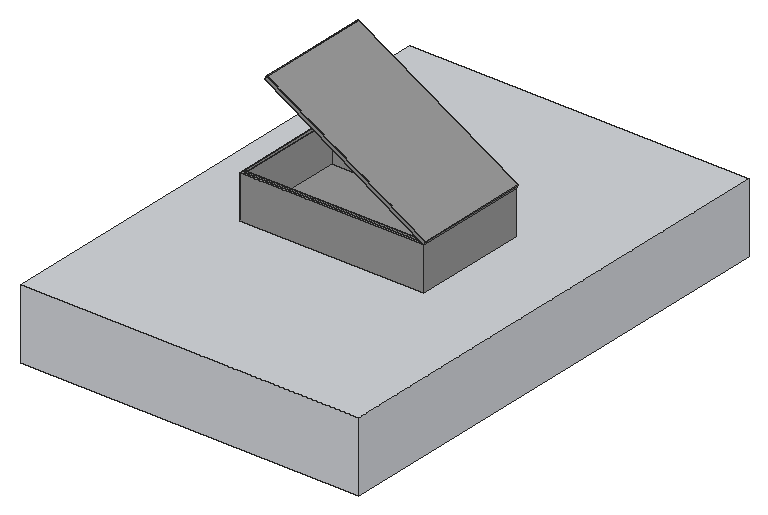
Revit family "Hager-Univers-IP44-D205-H500-Cl.I-encl-NL-en", category Equipement électrique, Revit 2020
Family settings
  Hôte = Face
  Configuration du panneau = Deux colonnes, circuits au sein
  Cote de connecteur circulaire = Utiliser le diamètre
  Type d'élément = Tableau de raccordement
  Couper avec des vides une fois chargée = Non
  Partagée = Non
  Point de calcul de pièce = Non
Parameters (values of type "Surface mounted (plaster) IP44 W800 H500 D205  - FP33QT")
  Width Control [instance] = if([EF000008 - Width] > Min Width, [EF000008 - Width], Min Width)  # 800 mm
  Commentaires du type = [HG000003 - Range]  # "Univers"
  Thickness Door [instance] = if([EF009171 - Material plate thickness door/cover] > 3 mm, 3 mm, [EF009171 - Material plate thickness door/cover])  # 1 mm
  Seal Frame Offset [instance] = 17 mm  # constant formula
  Plinth Visibility [instance] = [HG000027 - Plinth height] > 0 mm  # no
  Model = ""
  Min Width [instance] = 100 mm  # constant formula
  Min Height [instance] = 100 mm  # constant formula
  Min Depth [instance] = (2 * [EF009170 - Material plate thickness cabinet]) + 1 mm  # 3 mm
  Internal Frame Depth [instance] = (Door System Depth * 0.5)  # 9 mm
  Height Control [instance] = if([EF000040 - Height] > Min Height, [EF000040 - Height], Min Height)  # 500 mm
  HG000027 - Plinth height = 0 mm
  HG000026 - Floor standing = no
  HG000024 - Bottom section height = 800 mm
  HG000023 - Double section enclosure = no
  HG000016 - Door 3d visibility [instance] = yes
  HG000015 - Clearance visibility [instance] = no
  HG000014 - Door on the right [instance] = yes
  HG000013 - Door on the left [instance] = not([HG000014 - Door on the right])  # no
  HG000012 - Door swing angle [instance] = 30.00°
  HG000010 - Asymmetric doors = no
  HG000009 - Double swing door = no
  HG000006 - Flush mounted = no
  HG000004 - Manufacturer reference = "FP33QT"
  HG000003 - Range = "Univers"
  HG000002 - With door or cover = yes
  Frame Offset Bottom [instance] = 10 mm  # constant formula
  Frame Offset [instance] = 15 mm  # constant formula
  EF015940 - Cover with overpressure release = no
  EF011959 - Degree of protection (NEMA) = ""
  EF009554 - Number of openings for flange plates = 6
  EF009212 - Cover model = "EV000116 - Closed"
  EF009171 - Material plate thickness door/cover = 1 mm
  EF009170 - Material plate thickness cabinet = 1 mm
  Fabricant = "Hager"  # constant formula
  EF008873 - Nominal current (In) = 250 A
  EF007800 - Suitable for lightning protection = no
  EF006306 - With lock = no
  EF006244 - Transparent cover/door = no
  EF005474 - Degree of protection (IP) = "EV006418 - IP44"
  EF004464 - Type of door = "EV002646 - Single"
  EF004427 - Number of modules = 108
  EF004293 - Impact strength = "EV006815 - IK09"
  EF003532 - Suitable for outdoor use = no
  EF002950 - Width in number of modular spacings = 36
  EF001613 - Circuit integrity = "EV000494 - None"
  EF001596 - Material housing = "EV000179 - Steel"
  EF001131 - Internal depth = 205 mm
  EF001088 - Extension possible = yes
  EF000437 - Number of conduit inlets = 6
  EF000339 - Type of cover = "EV001012 - Cover"
  EF000266 - Number of rows = 3
  EF000218 - Built-in depth = 0 mm
  EF000118 - With mounting plate = no
  EF000116 - RAL-number = "9010"
  EF000049 - Depth = 205 mm
  EF000040 - Height = 500 mm
  EF000008 - Width = 800 mm
  EF000007 - Colour = "EV000202 - White"
  EF000003 - Mounting method = "EV000384 - Surface mounted (plaster)"
  Door System Leaf Tolerance [instance] = 1.5 mm  # constant formula
  Door System Depth [instance] = 18 mm  # constant formula
  Door Height [instance] = Height Control - [HG000027 - Plinth height]  # 500 mm
  Depth Control [instance] = if([EF000049 - Depth] > Min Depth, [EF000049 - Depth], Min Depth)  # 205 mm
  Default Elevation = 0 mm
  Connector Offset [instance] = Height Control / 2  # 250 mm
  Bottom Top Plate Trim [instance] = 1.5 mm  # constant formula
  Plinth height Ctrl [instance] = if([HG000027 - Plinth height] > 0 mm, [HG000027 - Plinth height], 12 mm)  # 12 mm
Types (5, lengths in mm): name | Width Control | HG000004 - Manufacturer reference | EF009554 - Number of openings for flange plates | EF004464 - Type of door | EF004427 - Number of modules | EF002950 - Width in number of modular spacings | EF000437 - Number of conduit inlets | EF000008 - Width
  Surface mounted (plaster) IP44 W1050 H500 D205  - FP34QT | 1050 | "FP34QT" | 8 | "EV003602 - Double" | 144 | 48 | 8 | 1050
  Surface mounted (plaster) IP44 W1300 H500 D205  - FP35QT | 1300 | "FP35QT" | 10 | "EV003602 - Double" | 180 | 60 | 10 | 1300
  Surface mounted (plaster) IP44 W300 H500 D205  - FP31QT | 300 | "FP31QT" | 2 | "EV002646 - Single" | 36 | 12 | 2 | 300
  Surface mounted (plaster) IP44 W550 H500 D205  - FP32QT | 550 | "FP32QT" | 4 | "EV002646 - Single" | 72 | 24 | 4 | 550
  Surface mounted (plaster) IP44 W800 H500 D205  - FP33QT | 800 | "FP33QT" | 6 | "EV002646 - Single" | 108 | 36 | 6 | 800
Reference planes
  plane 1 "Center (Front/Back)": y = 0
  plane 2: z = 0
  plane 3 "Center (Left/Right)": x = 0
  plane 4: z = 205
  plane 5: y = 1
  plane 6: y = 250
  plane 7: y = 0
  plane 8: y = 500
  plane 9: z = 0
  plane 10: x = -385
  plane 11: x = 385
  plane 12: x = 384
  plane 13: x = -384
  plane 14: y = 499
  plane 15: x = -383
  plane 16: x = -400
  plane 17: x = 383
  plane 18: x = 400
  plane 19: x = 399
  plane 20: x = -399
  plane 21: y = 11
  plane 22: y = 500
  plane 23: y = 484
  plane 24: z = 187
  plane 25: z = 1
  plane 26: z = 186
  plane 27: z = 204
Forms (mm)
  Extrusion 1, solid
    sketch origin (0, 0, 0) x (1, 0, 0) y (0, 1, 0)
      loop
        line (-702.964, 1305) -> (-702.964, -811.445) -> (766.763, -811.445) -> (766.763, 1305) -> (-702.964, 1305)
    from 0 to -304.8
  Extrusion 2, solid, material "Hager_Steel_RAL7035_Light_Grey", visible <- "Plinth Visibility", detail levels medium+fine
    sketch origin (0, 0, 0) x (1, 0, 0) y (0, 1, 0)
      loop
        line (-400, 0) -> (400, 0) -> (400, 12) -> (-400, 12) -> (-400, 0)
    from 0 to 187
  Extrusion 3, solid, material "Hager_Steel_RAL7035_Light_Grey", detail levels medium+fine
    sketch origin (0, 0, 0) x (1, 0, 0) y (0, 1, 0)
      loop
        line (-400, 0) -> (400, 0) -> (400, 500) -> (-400, 500) -> (-400, 0)
    from 0 to 187
  Extrusion 4, void
    sketch origin (0, 0, 0) x (1, 0, 0) y (0, 1, 0)
      loop
        line (-399, 1) -> (399, 1) -> (399, 499) -> (-399, 499) -> (-399, 1)
    from 1 to 186
  Extrusion 5, void
    sketch origin (-381.607, -4572, 187) x (0, -1, 0) y (-1, 0, 0)
      loop
        line (-4583, 2.393) -> (-5056, 2.393) -> (-5056, -765.607) -> (-4583, -765.607) -> (-4583, 2.393)
    from 0 to 1 <- "EF009170 - Material plate thickness cabinet"
  Extrusion 6, solid, material "Hager_Steel_RAL7035_Light_Grey", detail levels fine
    sketch origin (0, 0, 187) x (1, 0, 0) y (0, 1, 0)
      loop
        line (-384, 484) -> (-384, 11) -> (384, 11) -> (384, 484) -> (-384, 484)
      loop
        line (-385, 10) -> (385, 10) -> (385, 485) -> (-385, 485) -> (-385, 10)
    from 0 to 9 <- "Internal Frame Depth"
  Extrusion 7, solid, material "Hager_Steel_RAL7035_Light_Grey", detail levels coarse
    sketch origin (0, 0, 0) x (1, 0, 0) y (0, 1, 0)
      loop
        line (-400, 0) -> (400, 0) -> (400, 500) -> (-400, 500) -> (-400, 0)
    from 0 to 205
  Sweep 8, void
    path in 3D
      loop
        line (-400, 12, 0) -> (400, 12, 0) -> (400, 12, 187) -> (-400, 12, 187) -> (-400, 12, 0)
    profile origin (-400, 12, 93.5) x (-1, 0, 0) y (0, -1, 0)
      loop
        line (0, 0) -> (0, 1.5) -> (-1.5, 1.5)
        arc (-1.5, 1.5) -> (-1.061, 0.439) -> (0, 0) r 1.5
Cuts and joins
  Extrusion 4, Extrusion 5 cuts Extrusion 3
  Sweep 8 cuts Extrusion 2
Lines and regions (mm)
  Masking region 1
    outline origin (0, 0, 0) x (1, 0, 0) y (0, 0, 1)
      loop
        line (-400, 205) -> (-400, 0) -> (400, 0) -> (400, 205) -> (-400, 205)
  Masking region 2, detail levels medium+fine
    outline origin (0, 140, 0) x (0, 1, 0) y (0, 0, 1)
      loop
        line (-140, 0) -> (360, 0) -> (360, 187) -> (-140, 187) -> (-140, 0)
  Masking region 3, not visible, detail levels medium+fine
    outline origin (0, 297.922, 0) x (0, 1, 0) y (0, 0, 1)
      loop
        line (-36.422, 0) -> (3.578, 0) -> (3.578, 194)
        arc (3.578, 194) -> (0.649, 201.071) -> (-6.422, 204) r 10
        line (-6.422, 204) -> (-36.422, 204) -> (-36.422, 0)
  Masking region 4, detail levels coarse
    outline origin (0, 0, 180) x (0, 1, 0) y (0, 0, 1)
      loop
        line (0, -180) -> (500, -180) -> (500, 25) -> (0, 25) -> (0, -180)
  Masking region 5, visible <- "Plinth Visibility", detail levels medium+fine
    outline origin (0, 52.24, 12.345) x (0, 0, -1) y (0, 1, 0)
      loop
        line (10.845, -40.24) -> (-173.155, -40.24)
        arc (-173.155, -40.24) -> (-173.594, -41.301) -> (-174.655, -41.74) r 1.5
        line (-174.655, -41.74) -> (-174.655, -52.24) -> (12.345, -52.24) -> (12.345, -41.74)
        arc (12.345, -41.74) -> (11.285, -41.301) -> (10.845, -40.24) r 1.5
  Masking region 6, detail levels medium+fine
    outline origin (-381.607, -4572, 187) x (-1, 0, 0) y (0, -1, 0)
      loop
        line (18.393, -5072) -> (18.393, -4572) -> (-781.607, -4572) -> (-781.607, -5072) -> (18.393, -5072)
  Masking region 7, visible <- "Plinth Visibility", detail levels medium+fine
    outline origin (-381.607, -4727, 187) x (-1, 0, 0) y (0, -1, 0)
      loop
        arc (16.893, -4739) -> (17.332, -4737.939) -> (18.393, -4737.5) r 1.5
        line (18.393, -4737.5) -> (18.393, -4727) -> (-781.607, -4727) -> (-781.607, -4737.5)
        arc (-781.607, -4737.5) -> (-780.546, -4737.939) -> (-780.107, -4739) r 1.5
        line (-780.107, -4739) -> (16.893, -4739)
  Masking region 8, detail levels coarse
    outline origin (-442.548, -4669.526, 187) x (-1, 0, 0) y (0, -1, 0)
      loop
        line (-42.548, -5169.526) -> (-42.548, -4669.526) -> (-842.548, -4669.526) -> (-842.548, -5169.526) -> (-42.548, -5169.526)
  sketch lines
    curve 1: line (-400, 12, 187) -> (-400, 12, 0)
    curve 2: line (400, 12, 187) -> (-400, 12, 187)
    curve 3: line (400, 12, 187) -> (400, 12, 0)
    curve 4: line (-400, 12, 0) -> (400, 12, 0)
Dimensions and locks
  "Depth Control": plane 4 to Extrusion 1
  "HG000027 - Plinth height": plane 1 "Center (Front/Back)" to plane 7
  "EF009170 - Material plate thickness cabinet": plane 5 to plane 7
  locked: connector elem to plane 3 "Center (Left/Right)"
  equal spacing: plane 8, plane 6, plane 7
  locked: connector elem to plane 6
  "EF009170 - Material plate thickness cabinet": plane 8 to plane 14
  "EF009170 - Material plate thickness cabinet": plane 10 to plane 13
  "EF009170 - Material plate thickness cabinet": plane 12 to plane 11
  "Frame Offset": plane 20 to plane 13
  "Frame Offset": plane 12 to plane 19
  "EF009170 - Material plate thickness cabinet": plane 16 to plane 20
  "EF009170 - Material plate thickness cabinet": plane 19 to plane 18
  "Seal Frame Offset": plane 16 to plane 15
  "Seal Frame Offset": plane 17 to plane 18
  "Frame Offset Bottom": plane 21 to plane 5
  "Frame Offset": plane 14 to plane 23
  equal spacing: plane 16, plane 3 "Center (Left/Right)", plane 18
  "Width Control": plane 16 to plane 18
  "EF009170 - Material plate thickness cabinet": plane 4 to plane 27
  "EF009170 - Material plate thickness cabinet": plane 24 to plane 26
  "EF009170 - Material plate thickness cabinet": plane 25 to level
  "Door System Depth": plane 4 to plane 24
  "Height Control": plane 1 "Center (Front/Back)" to Extrusion 7 sketch curve
  "Height Control": Masking region 4 sketch curve to plane 1 "Center (Front/Back)"
  "Height Control": plane 1 "Center (Front/Back)" to plane 22
  "Bottom Top Plate Trim": profile plane to Sweep 8 sketch curve
  "Bottom Top Plate Trim": Sweep 8 sketch curve to profile plane
  "Plinth height Ctrl": plane 1 "Center (Front/Back)" to Extrusion 2 sketch curve
  "Plinth height Ctrl": Masking region 5 sketch curve to plane 1 "Center (Front/Back)"
  "Plinth height Ctrl": plane 1 "Center (Front/Back)" to Masking region 7 sketch curve
  "Thickness Door": Extrusion 6 sketch curve to Extrusion 6 sketch curve  (x3)
  "Thickness Door": cut or joined group of Extrusion 3, Extrusion 4, Extrusion 5 to Extrusion 6 sketch curve
  radius of Masking region 3 sketch curve = 10 mm
  "Bottom Top Plate Trim": radius of Masking region 5 sketch curve  (x2)
  "Bottom Top Plate Trim": radius of Sweep 8 sketch curve
  "Bottom Top Plate Trim": radius of Masking region 7 sketch curve  (x2)
  aligned and locked: plane 2 to Extrusion 1
  aligned and locked: level to Extrusion 1
  aligned and locked: level to Masking region 1 sketch curve
  aligned and locked: Masking region 1 sketch curve to plane 18
  aligned and locked: Masking region 1 sketch curve to plane 16
  aligned and locked: plane 7 to Masking region 2 sketch curve
  aligned and locked: level to Masking region 3 sketch curve
  aligned and locked: Masking region 3 sketch curve to plane 27
  aligned and locked: level to Masking region 2 sketch curve
  aligned and locked: plane 1 "Center (Front/Back)" to Extrusion 2 sketch curve
  aligned and locked: Extrusion 3 sketch curve to plane 7
  aligned and locked: plane 16 to Extrusion 3 sketch curve
  aligned and locked: plane 18 to Extrusion 3 sketch curve
  aligned and locked: plane 20 to Extrusion 4 sketch curve
  aligned and locked: plane 19 to Extrusion 4 sketch curve
  aligned and locked: Extrusion 4 sketch curve to plane 5
  aligned and locked: Extrusion 4 to plane 25
  aligned and locked: plane 26 to Extrusion 4
  aligned and locked: plane 24 to Extrusion 3
  aligned and locked: Extrusion 5 sketch curve to plane 21
  aligned and locked: Extrusion 5 sketch curve to plane 13
  aligned and locked: Extrusion 5 sketch curve to plane 12
  aligned and locked: plane 18 to Extrusion 7 sketch curve
  aligned and locked: plane 1 "Center (Front/Back)" to Extrusion 7 sketch curve
  aligned and locked: plane 16 to Extrusion 7 sketch curve
  aligned and locked: plane 4 to Extrusion 7
  aligned and locked: Extrusion 7 to level
  aligned and locked: level to Masking region 4 sketch curve
  aligned and locked: Masking region 4 sketch curve to plane 1 "Center (Front/Back)"
  aligned and locked: Masking region 4 sketch curve to plane 4
  aligned and locked: nested 1 to level
  aligned and locked: nested 1 to plane 16
  aligned and locked: plane 8 to Extrusion 3 sketch curve
  aligned and locked: plane 23 to Extrusion 5 sketch curve
  aligned and locked: plane 14 to Extrusion 4 sketch curve
  aligned and locked: Masking region 2 sketch curve to plane 8
  aligned and locked: level to Masking region 5 sketch curve
  aligned and locked: plane 16 to Extrusion 2 sketch curve
  aligned and locked: plane 18 to Extrusion 2 sketch curve
  aligned and locked: Masking region 5 sketch curve to plane 24
  aligned and locked: Masking region 2 sketch curve to plane 24
  aligned and locked: plane 24 to Extrusion 2
  aligned and locked: profile plane to Sweep 8 sketch curve  (x2)
  aligned and locked: Masking region 6 sketch curve to plane 18
  aligned and locked: Masking region 6 sketch curve to plane 22
  aligned and locked: Masking region 6 sketch curve to plane 16
  aligned and locked: plane 8 to plane 22
  aligned and locked: Masking region 6 sketch curve to plane 7
  aligned and locked: Masking region 7 sketch curve to plane 16
  aligned and locked: Masking region 7 sketch curve to plane 1 "Center (Front/Back)"
  aligned and locked: Masking region 7 sketch curve to plane 18
  aligned and locked: Masking region 8 sketch curve to plane 1 "Center (Front/Back)"
  aligned and locked: Masking region 8 sketch curve to plane 18
  aligned and locked: Masking region 8 sketch curve to plane 22
  aligned and locked: Masking region 8 sketch curve to plane 16
  aligned and locked: nested 2 to plane 7
  aligned and locked: plane 3 "Center (Left/Right)" to nested 2
  aligned and locked: nested 2 to plane 24
  aligned and locked: Extrusion 6 sketch curve to cut or joined group of Extrusion 3, Extrusion 4, Extrusion 5  (x4)
Automatic sketch dimensions
  Extrusion 1 sketch curve to Extrusion 1 sketch curve = 1469.727 mm
  Extrusion 1 sketch curve to Extrusion 1 sketch curve = 2116.445 mm
  Masking region 1 sketch curve to plane 4 = 0 mm
  plane 6 to Masking region 3 sketch curve = 11.5 mm
  Masking region 3 sketch curve to Masking region 3 sketch curve = 30 mm
  Masking region 5 sketch curve to plane 1 "Center (Front/Back)" = 0 mm
Nested families
  nested 1: "Hager_Enclosure_Symbol" at (-400, 0, 0) x (1, 0, 0) z (0, -1, 0), Height <- "Depth Control", Width <- "Width Control", type "Hager_Enclosure_Symbol"
    with Width_Ctrl 800 mm, Width 800 mm, Height_Ctrl 205 mm, Height 205 mm, A_Width_Int 13.453 mm, A_Width 161.438 mm, A_Height_Ctrl 179.375 mm, A_Height 179.375 mm
  nested 2: "EC000058_Univers_Door" at (0, 0, 187) x (1, 0, 0) z (0, 1, 0), Leaf_Tolerance <- "Door System Leaf Tolerance", Angle <- "HG000012 - Door swing angle", Door_Depth <- "Door System Depth", Door_Left <- "HG000013 - Door on the left", Transparent <- "EF006244 - Transparent cover/door", Assymetrical <- "HG000010 - Asymmetric doors", Width <- "Width Control", Clearance <- "HG000015 - Clearance visibility", Double <- "HG000009 - Double swing door", 3d_Door <- "HG000016 - Door 3d visibility", Lock_Visibility <- "EF006306 - With lock", Width_Ctrl <- "Width Control", Door_Right <- "HG000014 - Door on the right", Door <- "HG000002 - With door or cover", Height <- "Door Height", Thickness <- "Thickness Door", type "EC000058_Univers_Door", detail levels medium+fine
    with min_wh 3 mm, Width_Ctrl 800 mm, Width 800 mm, Transparent no, Thickness 1 mm, Seal_Material Hager_Rubber, Lock_Visibility no, Lock_Material Hager_Plastic_RAL9005_Jet_Black, Leaf_Width 800 mm, Leaf_Tolerance_External_Sides 0 mm, Leaf_Tolerance 1.5 mm, Leaf_Offset 0 mm, Leaf_Height 497 mm, Leaf_2_Width 800 mm, Leaf_2_Offset 400 mm, Leaf_1_Width 800 mm, Leaf_1_Offset 400 mm, Height_Ctrl 500 mm, Height 500 mm, Glass_Material Hager_Glass, Double_Clearance_Ctrl no, Double no, Door_Right_Ctrl yes, Door_Right yes, Door_Material Hager_Steel_RAL7035_Light_Grey, Door_Left_Ctrl no, Door_Left no, Door_Depth 18 mm, Door yes, Clearance_Material Hager_Clearance, Clearance_Depth 800 mm, Clearance_Ctrl no, Clearance no, Assymetrical no, Angle 30.00°, 3d_Door yes
Connectors
  electrical at (0, 250, 0)
    settings: on plane 9, index 1, voltage 0 V, apparent load 0 VA, apparent load phase1 0 VA, apparent load phase2 0 VA, apparent load phase3 0 VA, power factor 1, load classification "Other", number of poles 1, system type 30, power factor state 1, is connector primary yes, connector utility no, sub classification motor no, connector description ""
Definition of nested family "EC000058_Univers_Door"
  Parameters (values of type "EC000058_Univers_Door")
    min_wh [instance] = (2 * Thickness) + 1 mm  # 11 mm
    Width_Ctrl [instance] = 400 mm
    Width [instance] = 500 mm
    Transparent [instance] = yes
    Thickness [instance] = 5 mm
    Seal_Material [instance] = none
    Lock_Visibility [instance] = yes
    Lock_Material [instance] = none
    Leaf_Width [instance] = if((Width_Ctrl - 2 * Leaf_Tolerance_External_Sides) > 0 mm, (Width_Ctrl - 2 * Leaf_Tolerance_External_Sides), min_wh)  # 400 mm
    Leaf_Tolerance_External_Sides [instance] = 0 mm  # constant formula
    Leaf_Tolerance [instance] = 1.5 mm
    Leaf_Offset [instance] = 0 mm  # constant formula
    Leaf_Height [instance] = if((Height_Ctrl - 2 * Leaf_Tolerance) > 0 mm, (Height_Ctrl - 2 * Leaf_Tolerance), min_wh)  # 497 mm
    Leaf_2_Width [instance] = if(and(and(Double, Assymetrical), Door_Left), (Leaf_Width / 3) - (Leaf_Tolerance / 2), if(and(and(Double, Assymetrical), Door_Right), (Leaf_Width / 3) * 2 - (Leaf_Tolerance / 2), if(and(Double, not(Assymetrical)), (Leaf_Width / 2) - Leaf_Tolerance, Leaf_Width)))  # 400 mm
    Leaf_2_Offset [instance] = if(and(Double, Assymetrical), Leaf_2_Width / 2, if(and(Double, not(Assymetrical)), Leaf_Width / 4, Leaf_Width / 2))  # 200 mm
    Leaf_1_Width [instance] = if(and(and(Double, Assymetrical), Door_Right), (Leaf_Width / 3) - (Leaf_Tolerance / 2), if(and(and(Double, Assymetrical), Door_Left), (Width / 3) * 2 - (Leaf_Tolerance / 2), if(and(Double, not(Assymetrical)), (Leaf_Width / 2) - Leaf_Tolerance, Leaf_Width)))  # 400 mm
    Leaf_1_Offset [instance] = if(and(Double, Assymetrical), Leaf_1_Width / 2, if(and(Double, not(Assymetrical)), Leaf_Width / 4, Leaf_Width / 2))  # 200 mm
    Height_Ctrl [instance] = if(Height > min_wh, Height, min_wh)  # 500 mm
    Height [instance] = 500 mm
    Glass_Material [instance] = none
    Double_Clearance_Ctrl [instance] = and(Double, Clearance)  # no
    Double [instance] = no
    Door_Right_Ctrl [instance] = and(or(Door_Right, Double), Door)  # yes
    Door_Right [instance] = yes
    Door_Material [instance] = none
    Door_Left_Ctrl [instance] = and(or(Door_Left, Double), Door)  # no
    Door_Left [instance] = no
    Door_Depth [instance] = 30 mm
    Door [instance] = yes
    Default Elevation = 1219.2 mm
    Clearance_Material [instance] = none
    Clearance_Depth [instance] = if(Leaf_1_Width > Leaf_2_Width, Leaf_1_Width, Leaf_2_Width)  # 400 mm
    Clearance_Ctrl [instance] = and(not(Double), Clearance)  # yes
    Clearance [instance] = yes
    Assymetrical [instance] = yes
    Angle [instance] = 30.00°
    3d_Door [instance] = yes
  Reference planes
    plane 1 "Center (Front/Back)": y = 0
    plane 2 "Bottom": z = 0
    plane 3 "Center (Left/Right)": x = 0
    plane 4: z = 500
    plane 5: x = -200
    plane 6: x = 200
    plane 7: z = 500
    plane 8: x = -200
    plane 9: z = 0
    plane 10: x = 200
    plane 11: y = 0
    plane 12: z = 1.5
    plane 13: x = -600
    plane 14: y = -400
    plane 15: x = 600
    plane 16: x = 0
    plane 17: x = 0
    plane 18: x = -200
    plane 19: x = 200
    plane 20: z = 498.5
  Forms (mm)
    Extrusion 1, solid, material <- "Clearance_Material", visible <- "Double_Clearance_Ctrl"
      sketch origin (1200, 0, 0) x (1, 0, 0) y (0, 0, -1)
        loop
          line (-1800, -498.5) -> (-600, -498.5) -> (-600, 0) -> (-1800, 0) -> (-1800, -498.5)
      from 0 to -400
  Dimensions and locks
    equal spacing: plane 5, plane 3 "Center (Left/Right)", plane 6
    "Width_Ctrl": plane 5 to plane 6
    "Leaf_Offset": plane 5 to plane 8
    "Leaf_Offset": plane 6 to plane 10
    "Leaf_Offset": plane 9 to level
    "Leaf_Offset": plane 4 to plane 7
    "Height_Ctrl": plane 4 to level
    "Leaf_Tolerance": plane 12 to plane 9
    locked: plane 11 to plane 1 "Center (Front/Back)"
    "Leaf_1_Offset": plane 18 to plane 16
    "Leaf_2_Offset": plane 17 to plane 19
    "Leaf_1_Width": plane 13 to plane 8
    "Leaf_2_Width": plane 10 to plane 15
    "Clearance_Depth": plane 14 to plane 1 "Center (Front/Back)"
    "Leaf_Tolerance_External_Sides": plane 8 to plane 18
    "Leaf_Tolerance_External_Sides": plane 19 to plane 10
    "Leaf_Tolerance": plane 7 to plane 20
    aligned and locked: level to plane 2 "Bottom"
    aligned and locked: nested 1 to plane 16
    aligned and locked: nested 2 to plane 17
    aligned and locked: Extrusion 1 to plane 13
    aligned and locked: plane 15 to Extrusion 1
    aligned and locked: Extrusion 1 to plane 14
    aligned and locked: plane 12 to nested 1
    aligned and locked: nested 2 to plane 12
    aligned and locked: Extrusion 1 to plane 11
    aligned and locked: plane 20 to Extrusion 1
    aligned and locked: nested 2 to plane 11
    aligned and locked: nested 1 to plane 11
  Automatic sketch dimensions
    Extrusion 1 sketch curve to level = 0 mm
    plane 5 to Extrusion 1 sketch curve = 400 mm
    plane 6 to Extrusion 1 sketch curve = 400 mm
    Extrusion 1 sketch curve to plane 4 = 1.5 mm
  Nested families
    nested 1: "EC000058_Univers_Door_Leaf" at (0, 0, 1.5), Width <- "Leaf_1_Width", visible <- "Door_Left_Ctrl", Leaf_Height <- "Leaf_Height", Angle <- "Angle", 3d_Door <- "3d_Door", Transparent <- "Transparent", Clearance Material <- "Clearance_Material", Clearance <- "Clearance_Ctrl", Door_Material <- "Door_Material", Glass_Material <- "Glass_Material", Door_Depth <- "Door_Depth", Lock_Material <- "Lock_Material", Seal_Material <- "Seal_Material", Lock_Visibility <- "Lock_Visibility", Thickness <- "Thickness", type "EC000058_Univers_Door_Leaf"
      with Width 400 mm, Transparent_Glass_Offset 30 mm, Transparent_Ctrl yes, Transparent yes, Thickness 5 mm, Standard no, Seal_Material none, Seal_D2 8 mm, Seal_D1 1 mm, Offset_Internal_Frame 10 mm, Lock_Width 20 mm, Lock_Visibility_3d yes, Lock_Visibility yes, Lock_Thickness_3 3 mm, Lock_Thickness_2 1 mm, Lock_Thickness_1 3 mm, Lock_Radius_Offset_2 16 mm, Lock_Radius_Offset_1 15 mm, Lock_Radius_2 5 mm, Lock_Radius 6 mm, Lock_Offset 5 mm, Lock_Material none, Lock_Height 80 mm, Lock_Cover_Top_Offset_2d 17 mm, Lock_Cover_Height -65 mm, Leaf_Height 497 mm, Internal_Seal_Thickness 8 mm, Internal_Seal_Depth_2 4.5 mm, Internal_Frame_Depth 25 mm, Glass_Thickness -1 mm, Glass_Offset -2 mm, Glass_Material none, Door_Material none, Door_Depth 30 mm, Clearance Material none, Clearance yes, Angle_Ctrl 30.00°, Angle 30.00°, 3d_Door yes
    nested 2: "EC000058_Univers_Door_Leaf" at (0, 0, 1.5) x (-1, 0, 0) z (0, 0, 1), Width <- "Leaf_2_Width", visible <- "Door_Right_Ctrl", Leaf_Height <- "Leaf_Height", Angle <- "Angle", 3d_Door <- "3d_Door", Transparent <- "Transparent", Clearance Material <- "Clearance_Material", Clearance <- "Clearance_Ctrl", Door_Material <- "Door_Material", Glass_Material <- "Glass_Material", Door_Depth <- "Door_Depth", Lock_Material <- "Lock_Material", Seal_Material <- "Seal_Material", Lock_Visibility <- "Lock_Visibility", Thickness <- "Thickness", type "EC000058_Univers_Door_Leaf"
      with Width 400 mm, Transparent_Glass_Offset 30 mm, Transparent_Ctrl yes, Transparent yes, Thickness 5 mm, Standard no, Seal_Material none, Seal_D2 8 mm, Seal_D1 1 mm, Offset_Internal_Frame 10 mm, Lock_Width 20 mm, Lock_Visibility_3d yes, Lock_Visibility yes, Lock_Thickness_3 3 mm, Lock_Thickness_2 1 mm, Lock_Thickness_1 3 mm, Lock_Radius_Offset_2 16 mm, Lock_Radius_Offset_1 15 mm, Lock_Radius_2 5 mm, Lock_Radius 6 mm, Lock_Offset 5 mm, Lock_Material none, Lock_Height 80 mm, Lock_Cover_Top_Offset_2d 17 mm, Lock_Cover_Height -65 mm, Leaf_Height 497 mm, Internal_Seal_Thickness 8 mm, Internal_Seal_Depth_2 4.5 mm, Internal_Frame_Depth 25 mm, Glass_Thickness -1 mm, Glass_Offset -2 mm, Glass_Material none, Door_Material none, Door_Depth 30 mm, Clearance Material none, Clearance yes, Angle_Ctrl 30.00°, Angle 30.00°, 3d_Door yes
  Definition of nested family "EC000058_Univers_Door_Leaf"
    Parameters (values of type "EC000058_Univers_Door_Leaf")
      Width [instance] = 2000 mm
      Transparent_Glass_Offset [instance] = 30 mm
      Transparent_Ctrl [instance] = and(Transparent, [3d_Door])  # yes
      Transparent [instance] = yes
      Thickness [instance] = 5 mm
      Standard [instance] = and(not(Transparent), [3d_Door])  # no
      Seal_Material [instance] = none
      Seal_D2 [instance] = 8 mm  # constant formula
      Seal_D1 [instance] = 1 mm  # constant formula
      Offset_Internal_Frame [instance] = 10 mm  # constant formula
      Lock_Width [instance] = 20 mm  # constant formula
      Lock_Visibility_3d [instance] = and(Lock_Visibility, [3d_Door])  # yes
      Lock_Visibility [instance] = yes
      Lock_Thickness_3 [instance] = 3 mm  # constant formula
      Lock_Thickness_2 [instance] = 1 mm  # constant formula
      Lock_Thickness_1 [instance] = 3 mm  # constant formula
      Lock_Radius_Offset_2 [instance] = Lock_Radius_Offset_1 + 1 mm  # 16 mm
      Lock_Radius_Offset_1 [instance] = 15 mm  # constant formula
      Lock_Radius_2 [instance] = Lock_Radius - 1 mm  # 5 mm
      Lock_Radius [instance] = 6 mm  # constant formula
      Lock_Offset [instance] = 5 mm  # constant formula
      Lock_Material [instance] = none
      Lock_Height [instance] = 80 mm  # constant formula
      Lock_Cover_Top_Offset_2d [instance] = Lock_Radius_Offset_2 + 1 mm  # 17 mm
      Lock_Cover_Height [instance] = -(Lock_Height - Lock_Radius_Offset_1)  # -65 mm
      Leaf_Height [instance] = 2720.336 mm
      Internal_Seal_Thickness [instance] = 8 mm  # constant formula
      Internal_Seal_Depth_2 [instance] = 4.5 mm  # constant formula
      Internal_Frame_Depth [instance] = if(Door_Depth - Thickness > 5 mm, Door_Depth - Thickness, 5 mm)  # 25 mm
      Glass_Thickness [instance] = if(Thickness > 15 mm, Glass_Offset + 10 mm, -1 mm)  # -1 mm
      Glass_Offset [instance] = if(Thickness > 15 mm, -(Thickness + 10 mm) / 2, -2 mm)  # -2 mm
      Glass_Material [instance] = none
      Door_Material [instance] = none
      Door_Depth [instance] = 30 mm
      Default Elevation = 0 mm
      Clearance Material [instance] = none
      Clearance [instance] = yes
      Angle_Ctrl [instance] = if(Angle > 180.00°, 180.00°, Angle)  # 90.00°
      Angle [instance] = 90.00°
      3d_Door [instance] = yes
    Reference planes
      plane 1 "Center (Front/Back)": y = 0
      plane 2: z = 0
      plane 3 "Center (Left/Right)": x = 0
      plane 4: y = 2000
      plane 5: x = -1000
      plane 6: x = 1000
      plane 7: x = -3000
      plane 8: z = 2720.336
      plane 9: z = 30
      plane 10: z = 2690.336
      plane 11: x = 970
      plane 12: x = -970
      plane 13: y = -3
      plane 14: z = 107.833
      plane 15: y = -5
      plane 16: y = -223.314
      plane 17: x = -1000
      plane 18: z = 1360.168
      plane 19: y = 30
    Forms (mm)
      Extrusion 1, solid, material <- "Clearance Material", visible <- "Clearance"
        sketch origin (0, 0, 0) x (1, 0, 0) y (0, 0, 1)
          loop
            line (-3000, 2720.336) -> (-3000, 0) -> (1000, 0) -> (1000, 2720.336) -> (-3000, 2720.336)
        from 0 to -2000
      Extrusion 2, solid, material <- "Door_Material", visible <- "Standard", detail levels medium+fine
        sketch origin (-1000, 0, 0) x (0, 1, 0) y (-1, 0, 0)
          loop
            line (0, 30) -> (0, 25) -> (2000, 25) -> (2000, 30) -> (0, 30)
        from 0 to 2720.336 <- "Leaf_Height"
      Extrusion 3, solid, material <- "Door_Material", visible <- "Transparent_Ctrl", detail levels medium+fine
        sketch origin (-1000, 0, 0) x (0, 1, 0) y (-1, 0, 0)
          loop
            line (0, 25) -> (2000, 25) -> (2000, 30) -> (0, 30) -> (0, 25)
        from 0 to 2720.336 <- "Leaf_Height"
      Extrusion 4, void
        sketch origin (-1025, 2000, 0) x (0, 1, 0) y (0, 0, -1)
          loop
            line (-30, -2690.336) -> (-30, -30) -> (-1970, -30) -> (-1970, -2690.336) -> (-30, -2690.336)
        from 0 to 5 <- "Thickness"
      Sweep 5, solid, material <- "Seal_Material", visible <- "Transparent_Ctrl", detail levels fine
        path in 3D
          loop
            line (-1025, 30, 30) -> (-1025, 30, 2690.336) -> (-1025, 1970, 2690.336) -> (-1025, 1970, 30) -> (-1025, 30, 30)
        profile origin (-1025, 1000, 30) x (1, 0, 0) y (0, 0, 1)
          loop
            line (0, 0) -> (0, -8) -> (1, -8) -> (1, 0) -> (0, 0)
      Extrusion 6, solid, material <- "Glass_Material", visible <- "Transparent_Ctrl", detail levels medium+fine
        sketch origin (-1030, 0, 0) x (0, 1, 0) y (0, 0, -1)
          loop
            line (1970, -2690.336) -> (1970, -30) -> (30, -30) -> (30, -2690.336) -> (1970, -2690.336)
        from -2 <- "Glass_Offset" to -1 <- "Glass_Thickness"
      Extrusion 7, solid, material <- "Door_Material", visible <- "3d_Door", detail levels medium+fine
        sketch origin (-1025, 2000, 0) x (0, -1, 0) y (0, 0, -1)
          loop
            line (0, -2720.336) -> (2000, -2720.336) -> (2000, 0) -> (0, 0) -> (0, -2720.336)
          loop
            line (1995, -5) -> (5, -5) -> (5, -2715.336) -> (1995, -2715.336) -> (1995, -5)
        from 0 to 25 <- "Internal_Frame_Depth"
      Sweep 8, solid, material <- "Seal_Material", visible <- "Transparent_Ctrl", detail levels fine
        path in 3D
          loop
            line (-1025, 0, 0) -> (-1025, 2000, 0) -> (-1025, 2000, 2720.336) -> (-1025, 0, 2720.336) -> (-1025, 0, 0)
        profile origin (-1025, 0, 1360.168) x (1, 0, 0) y (0, 1, 0)
          loop
            line (0, 10) -> (2.975, 10)
            arc (2.975, 10) -> (4.053, 10.447) -> (4.5, 11.525) r 1.525
            line (4.5, 11.525) -> (4.5, 16.527)
            arc (4.5, 16.527) -> (4.069, 17.569) -> (3.027, 18) r 1.473
            line (3.027, 18) -> (0, 18) -> (0, 10)
      Extrusion 9, solid, material <- "Lock_Material", visible <- "Lock_Visibility_3d", detail levels fine
        sketch origin (-1030, 0, 0) x (0, 1, 0) y (0, 0, -1)
          loop
            arc (1993.5, -1400.168) -> (1994.561, -1399.729) -> (1995, -1398.668) r 1.5
            line (1995, -1398.668) -> (1995, -1320.168) -> (1975, -1320.168) -> (1975, -1398.668)
            arc (1975, -1398.668) -> (1975.439, -1399.729) -> (1976.5, -1400.168) r 1.5
            line (1976.5, -1400.168) -> (1993.5, -1400.168)
        from 3 <- "Lock_Thickness_1" to 0
      Blend 10, solid, material <- "Lock_Material", visible <- "Lock_Visibility_3d", detail levels fine
        base sketch origin (-1033, 0, 0) x (0, 1, 0) y (0, 0, -1)
          loop
            line (1975, -1320.168) -> (1975, -1398.668)
            arc (1975, -1398.668) -> (1975.439, -1399.729) -> (1976.5, -1400.168) r 1.5
            line (1976.5, -1400.168) -> (1993.5, -1400.168)
            arc (1993.5, -1400.168) -> (1994.561, -1399.729) -> (1995, -1398.668) r 1.5
            line (1995, -1398.668) -> (1995, -1320.168) -> (1975, -1320.168)
        top sketch origin (-1033, 0, 0) x (0, 1, 0) y (0, 0, -1)
          loop
            line (1976, -1320.168) -> (1976, -1398.668)
            arc (1976, -1398.668) -> (1976.146, -1399.022) -> (1976.5, -1399.168) r 0.5
            line (1976.5, -1399.168) -> (1993.5, -1399.168)
            arc (1993.5, -1399.168) -> (1993.854, -1399.022) -> (1994, -1398.668) r 0.5
            line (1994, -1398.668) -> (1994, -1320.168) -> (1976, -1320.168)
        from 0 to 1 <- "Lock_Thickness_2"
      Blend 11, solid, material <- "Lock_Material", visible <- "Lock_Visibility_3d", detail levels fine
        base sketch origin (-1034, 0, 0) x (0, 1, 0) y (0, 0, -1)
          loop
            line (1978, -1320.168) -> (1978, -1384.168)
            arc (1978, -1384.168) -> (1985, -1391.168) -> (1992, -1384.168) r 7
            line (1992, -1384.168) -> (1992, -1320.168) -> (1978, -1320.168)
        top sketch origin (-1034, 0, 0) x (0, 1, 0) y (0, 0, -1)
          loop
            line (1991, -1320.168) -> (1979, -1320.168) -> (1979, -1383.168)
            arc (1979, -1383.168) -> (1985, -1389.168) -> (1991, -1383.168) r 6
            line (1991, -1383.168) -> (1991, -1320.168)
        from 0 to 3 <- "Lock_Thickness_3"
      Extrusion 12, solid, material <- "Lock_Material", visible <- "Lock_Visibility_3d", detail levels fine
        sketch origin (-1030, 1975, 1320.168) x (1, 0, 0) y (0, -1, 0)
          loop
            line (-7, -19) -> (-7, -1) -> (0, -1) -> (0, 0) -> (-8, 0) -> (-8, -20) -> (0, -20) -> (0, -19) -> (-7, -19)
        from 0 to -65 <- "Lock_Cover_Height"
      Extrusion 13, void
        sketch origin (-1038, 1995, 1320.168) x (-1, 0, 0) y (0, 0, -1)
          loop
            line (-5, -65) -> (0, -65) -> (-5, -60) -> (-5, -65)
        from 0 to 20 <- "Lock_Width"
      Extrusion 14, void
        sketch origin (-1038, 1975, 1320.168) x (0, -1, 0) y (0, 0, -1)
          loop
            circle (-10, -15.995) r 6
          loop
            circle (-10, -15.995) r 5
        from 0 to 2
      Extrusion 15, solid, material <- "Lock_Material", visible <- "Lock_Visibility_3d", detail levels medium
        sketch origin (-1030, 0, 0) x (0, 1, 0) y (0, 0, -1)
          loop
            arc (1993.5, -1400.168) -> (1994.561, -1399.729) -> (1995, -1398.668) r 1.5
            line (1995, -1398.668) -> (1995, -1320.168) -> (1975, -1320.168) -> (1975, -1398.668)
            arc (1975, -1398.668) -> (1975.439, -1399.729) -> (1976.5, -1400.168) r 1.5
            line (1976.5, -1400.168) -> (1993.5, -1400.168)
        from 8 to 0
    Cuts and joins
      Extrusion 4 cuts Extrusion 3
      Extrusion 13, Extrusion 14 cuts Extrusion 9
      Extrusion 14 cuts Blend 11
      Extrusion 13, Extrusion 14 cuts Extrusion 12
      joined: Extrusion 9, Blend 10, Blend 11, Extrusion 12
      Extrusion 14 cuts Extrusion 15
    Lines and regions (mm)
      Masking region 1, visible <- "Lock_Visibility", detail levels fine
        outline origin (0, 0, 0) x (0, 1, 0) y (0, 0, 1)
          loop
            line (30, 1320.168) -> (33, 1320.168) -> (33, 1400.168) -> (30, 1400.168) -> (30, 1320.168)
      Masking region 2, visible <- "Lock_Visibility", detail levels fine
        outline origin (0, 3.143, 0) x (0, 1, 0) y (0, 0, 1)
          loop
            line (29.857, 1354.168) -> (30.857, 1354.168) -> (30.857, 1366.168) -> (29.857, 1366.168) -> (29.857, 1354.168)
      Masking region 3, detail levels medium+fine
        outline origin (0, 0, 0) x (0, 1, 0) y (0, 0, 1)
          loop
            line (0, 0) -> (30, 0) -> (30, 2720.336) -> (0, 2720.336) -> (0, 0)
      Masking region 4, detail levels medium+fine
        outline origin (0, 0, 0) x (1, 0, 0) y (0, 0, 1)
          loop
            line (-1000, 2720.336) -> (-1000, 0) -> (1000, 0) -> (1000, 2720.336) -> (-1000, 2720.336)
      Masking region 5, visible <- "Lock_Visibility", detail levels fine
        outline origin (-47.116, 0, 0) x (1, 0, 0) y (0, 0, 1)
          loop
            arc (1024.616, 1399.168) -> (1023.556, 1398.729) -> (1023.116, 1397.668) r 1.5
            line (1023.116, 1397.668) -> (1023.116, 1320.168) -> (1041.116, 1320.168) -> (1041.116, 1397.668)
            arc (1041.116, 1397.668) -> (1040.677, 1398.729) -> (1039.616, 1399.168) r 1.5
            line (1039.616, 1399.168) -> (1024.616, 1399.168)
      Masking region 6, visible <- "Lock_Visibility", detail levels medium+fine
        outline origin (-25, 0, 0) x (1, 0, 0) y (0, 0, 1)
          loop
            arc (1001.5, 1400.168) -> (1000.439, 1399.729) -> (1000, 1398.668) r 1.5
            line (1000, 1398.668) -> (1000, 1320.168) -> (1020, 1320.168) -> (1020, 1398.668)
            arc (1020, 1398.668) -> (1019.561, 1399.729) -> (1018.5, 1400.168) r 1.5
            line (1018.5, 1400.168) -> (1001.5, 1400.168)
      Masking region 7, visible <- "Lock_Visibility", detail levels fine
        outline origin (-73.735, 0, 0) x (1, 0, 0) y (0, 0, 1)
          loop
            line (1051.735, 1382.168) -> (1065.735, 1382.168) -> (1065.735, 1384.168)
            arc (1065.735, 1384.168) -> (1058.735, 1391.168) -> (1051.735, 1384.168) r 7
            line (1051.735, 1384.168) -> (1051.735, 1382.168)
      Masking region 8, visible <- "Lock_Visibility", detail levels fine
        outline origin (-73.735, 0, 0) x (1, 0, 0) y (0, 0, 1)
          loop
            line (1052.735, 1382.168) -> (1064.735, 1382.168) -> (1064.735, 1383.168)
            arc (1064.735, 1383.168) -> (1058.735, 1389.168) -> (1052.735, 1383.168) r 6
            line (1052.735, 1383.168) -> (1052.735, 1382.168)
      Masking region 9, visible <- "Lock_Visibility", detail levels fine
        outline origin (-25, 0, 0) x (1, 0, 0) y (0, 0, 1)
          loop
            line (1020, 1320.168) -> (1020, 1382.168) -> (1000, 1382.168) -> (1000, 1320.168) -> (1020, 1320.168)
      Masking region 10, detail levels medium+fine
        outline origin (0, 0, 0) x (1, 0, 0) y (0, 0, 1)
          loop
            circle (985, 1335.144) r 6
      Masking region 11, detail levels fine
        outline origin (0, 0, 0) x (1, 0, 0) y (0, 0, 1)
          loop
            circle (985, 1335.144) r 5
      Masking region 12, visible <- "Lock_Visibility", detail levels fine
        outline origin (0, 12.767, 0) x (0, 1, 0) y (0, 0, 1)
          loop
            line (20.233, 1320.168) -> (21.233, 1320.168) -> (21.233, 1399.168) -> (20.233, 1400.168) -> (20.233, 1320.168)
      Masking region 13, visible <- "Lock_Visibility", detail levels fine
        outline origin (0, 13.767, -10) x (0, 1, 0) y (0, 0, 1)
          loop
            line (20.233, 1330.168) -> (23.233, 1330.168) -> (23.233, 1399.168) -> (20.233, 1402.168) -> (20.233, 1330.168)
      Masking region 14, visible <- "Lock_Visibility", detail levels fine
        outline origin (0, 12.767, -10) x (0, 1, 0) y (0, 0, 1)
          loop
            line (20.233, 1330.168) -> (25.233, 1330.168) -> (25.233, 1399.305) -> (20.233, 1394.305) -> (20.233, 1330.168)
      Masking region 15, visible <- "Lock_Visibility", detail levels medium
        outline origin (0, 0, 0) x (0, 1, 0) y (0, 0, 1)
          loop
            line (30, 1320.168) -> (38, 1320.168) -> (38, 1400.168) -> (30, 1400.168) -> (30, 1320.168)
      Masking region 16, visible <- "Lock_Visibility", detail levels fine
        outline origin (-1000, 0, 0) x (0, 1, 0) y (-1, 0, 0)
          loop
            line (1975, 30) -> (1995, 30) -> (1995, 38) -> (1975, 38) -> (1975, 30)
          loop
            line (1979, 37) -> (1976, 37) -> (1976, 34) -> (1978, 34) -> (1979, 37)
          loop
            line (1994, 37) -> (1991, 37) -> (1992, 34) -> (1994, 34) -> (1994, 37)
      Masking region 17, visible <- "Lock_Visibility", detail levels medium
        outline origin (-1000, 0, 0) x (0, 1, 0) y (-1, 0, 0)
          loop
            line (1975, 30) -> (1995, 30) -> (1995, 38) -> (1975, 38) -> (1975, 30)
      symbolic lines
        curve 1: line (1000, 0, 0) -> (-3000, 0, 0)
        curve 2: arc (1000, 0, 0) -> (-1000, 2000, 0) -> (-3000, 0, 0) r 2000
        curve 4: line (-1030, 0, 0) -> (-1030, 2000, 0)
      reference lines
        curve 3: line (-1000, 0, 0) -> (-1000, 2000, 0)
      symbolic lines, detail levels medium+fine
        curve 5: line (-1030, 2000, 0) -> (-1025, 2000, 0)
        curve 7: line (-1025, 0, 0) -> (-1030, 0, 0)
        curve 8: line (-1025, 0, 0) -> (-1000, 0, 0)
        curve 9: line (-1000, 0, 0) -> (-1000, 2000, 0)
        curve 10: line (-1000, 2000, 0) -> (-1025, 2000, 0)
      symbolic lines, detail levels fine
        curve 6: line (-1025, 2000, 0) -> (-1025, 0, 0)
      sketch lines
        curve 11: line (-1025, 0, 2720.336) -> (-1025, 0, 0)
        curve 12: line (-1025, 2000, 0) -> (-1025, 0, 0)
        curve 13: line (-1025, 2000, 2720.336) -> (-1025, 2000, 0)
        curve 14: line (-1025, 0, 2720.336) -> (-1025, 2000, 2720.336)
        curve 15: line (-1025, 1970, 30) -> (-1025, 30, 30)
        curve 16: line (-1025, 30, 30) -> (-1025, 30, 2690.336)
        curve 17: line (-1025, 1970, 2690.336) -> (-1025, 1970, 30)
        curve 18: line (-1025, 30, 2690.336) -> (-1025, 1970, 2690.336)
      symbolic lines, visible <- "Transparent", detail levels medium+fine
        curve 19: line (-970, 0, 2690.336) -> (970, 0, 2690.336)
        curve 20: line (-970, 0, 30) -> (-970, 0, 2690.336)
        curve 21: line (970, 0, 30) -> (-970, 0, 30)
        curve 22: line (970, 0, 2690.336) -> (970, 0, 30)
    Dimensions and locks
      "Width": plane 1 "Center (Front/Back)" to plane 4
      equal spacing: plane 5, plane 3 "Center (Left/Right)", plane 6
      "Width": plane 5 to plane 6
      "Width": plane 7 to plane 5
      "Leaf_Height": plane 8 to level
      "Width": curve 5 to curve 3
      "Width": curve 3 to curve 3
      plane 8 to plane 10 = 30 mm
      plane 9 to level = 30 mm
      plane 12 to plane 5 = 30 mm
      plane 6 to plane 11 = 30 mm
      Extrusion 1 to Extrusion 4 sketch curve = 30 mm
      "Transparent_Glass_Offset": curve 3 to Extrusion 4 sketch curve
      "Transparent_Glass_Offset": Extrusion 4 sketch curve to cut or joined group of Extrusion 3, Extrusion 4  (x2)
      cut or joined group of Extrusion 3, Extrusion 4 to Extrusion 6 sketch curve = 30 mm
      "Transparent_Glass_Offset": cut or joined group of Extrusion 3, Extrusion 4 to Extrusion 4 sketch curve
      "Thickness": curve 6 to curve 4
      "Thickness": Extrusion 7 sketch curve to Extrusion 7 sketch curve  (x4)
      "Door_Depth": curve 4 to curve 3
      "Offset_Internal_Frame": profile plane to Sweep 8 sketch curve
      "Internal_Seal_Thickness": Sweep 8 sketch curve to Sweep 8 sketch curve
      "Internal_Seal_Depth_2": profile plane to Sweep 8 sketch curve
      "Seal_D1": profile plane to Sweep 5 sketch curve
      "Seal_D2": profile plane to Sweep 5 sketch curve
      "Thickness": Extrusion 2 sketch curve to Extrusion 2 sketch curve
      equal spacing: Extrusion 9 sketch curve, plane 18, Extrusion 9 sketch curve  (x2)
      equal spacing: Masking region 1 sketch curve, plane 18, Masking region 1 sketch curve
      "Lock_Height": Masking region 1 sketch curve to Masking region 1 sketch curve
      "Lock_Radius": Masking region 2 sketch curve to plane 18 to Masking region 2 sketch curve
      Masking region 2 sketch curve to Masking region 1 = 1 mm
      "Door_Depth": plane 19 to plane 1 "Center (Front/Back)"
      "Lock_Thickness_1": Masking region 1 sketch curve to plane 19
      "Lock_Width": Extrusion 9 sketch curve to Extrusion 9 sketch curve
      "Lock_Height": Extrusion 9 sketch curve to Extrusion 9 sketch curve
      "Lock_Offset": cut or joined group of Extrusion 3, Extrusion 4 to Extrusion 9 sketch curve
      equal spacing: plane 8, plane 18, level
      "Lock_Radius_Offset_1": Blend 11 sketch curve to Blend 10
      locked: Blend 10 to Blend 11 sketch curve at 2  (x2)
      locked: var sketch to Blend 11 sketch curve at 1  (x2)
      "Lock_Radius_Offset_2": Blend 11 sketch curve to Blend 10
      locked: Extrusion 12 sketch curve to Extrusion 12 sketch curve at 1  (x3)
      Masking region 6 sketch curve to Masking region 6 sketch curve = 80 mm
      "Lock_Height": Masking region 6 sketch curve to Masking region 6 sketch curve
      "Lock_Width": Masking region 6 sketch curve to Masking region 6 sketch curve
      locked: Masking region 6 to Masking region 5 sketch curve at 1  (x3)
      locked: Masking region 5 to Masking region 7 sketch curve at 2  (x2)
      "Lock_Radius_Offset_1": Masking region 5 to Masking region 7 sketch curve
      "Lock_Radius_Offset_2": Masking region 5 to Masking region 8 sketch curve
      locked: Masking region 7 to Masking region 8 sketch curve at 1  (x2)
      "Lock_Cover_Top_Offset_2d": Masking region 5 to Masking region 9 sketch curve
      equal spacing: Masking region 9, Masking region 10 sketch curve, Masking region 9
      equal spacing: Masking region 9, Masking region 11 sketch curve, Masking region 9
      Extrusion 15 sketch curve to Extrusion 15 sketch curve = 80 mm
      "Lock_Width": Extrusion 15 sketch curve to Extrusion 15 sketch curve
      "Lock_Height": Extrusion 15 sketch curve to Extrusion 15 sketch curve
      equal spacing: Extrusion 15 sketch curve, plane 18, Extrusion 15 sketch curve
      "Lock_Thickness_3": Masking region 13 sketch curve to Masking region 13 sketch curve
      "Lock_Height": Masking region 12 sketch curve to Masking region 12 sketch curve
      locked: Masking region 13 sketch curve to Masking region 1 at 8
      locked: Masking region 14 sketch curve to Masking region 13 at 1
      locked: Masking region 14 sketch curve to Masking region 1 at 10.863
      "Lock_Height": Masking region 15 sketch curve to Masking region 15 sketch curve
      "Lock_Offset": Extrusion 15 sketch curve to cut or joined group of Extrusion 3, Extrusion 4
      "Lock_Offset": plane 6 to Masking region 6 sketch curve
      radius of Sweep 8 sketch curve = 1.525 mm
      radius of Sweep 8 sketch curve = 1.473 mm
      radius of Extrusion 9 sketch curve = 1.5 mm  (x2)
      "Lock_Radius": radius of Extrusion 14 sketch curve
      "Lock_Radius_2": radius of Extrusion 14 sketch curve
      "Lock_Radius": radius of Masking region 10 sketch curve
      "Lock_Radius_2": radius of Masking region 11 sketch curve
      radius of Extrusion 15 sketch curve = 1.5 mm  (x2)
      "Angle_Ctrl": angle plane 1 "Center (Front/Back)" to curve 3
      locked: Masking region 12 sketch curve to Masking region 12 sketch curve (angle 45.00°)
      locked: Masking region 13 sketch curve to Masking region 13 sketch curve (angle 45.00°)
      locked: Masking region 14 sketch curve to Masking region 14 sketch curve (angle 45.00°)
      aligned and locked: level to plane 2
      aligned and locked: Extrusion 1 to curve 1
      aligned and locked: plane 6 to Extrusion 1
      aligned and locked: Extrusion 1 to plane 1 "Center (Front/Back)"
      aligned and locked: plane 4 to Extrusion 1
      aligned and locked: plane 8 to Extrusion 1
      aligned and locked: curve 7 to Extrusion 2 sketch curve
      aligned and locked: curve 5 to Extrusion 2 sketch curve
      aligned and locked: curve 7 to Extrusion 3 sketch curve
      aligned and locked: Extrusion 3 sketch curve to curve 4
      aligned and locked: Extrusion 3 sketch curve to curve 6
      aligned and locked: Extrusion 3 sketch curve to curve 5
      aligned and locked: curve 9 to curve 3
      aligned and locked: Extrusion 7 sketch curve to cut or joined group of Extrusion 3, Extrusion 4  (x4)
      aligned and locked: plane 17 to curve 3
      aligned and locked: plane 1 "Center (Front/Back)" to curve 3
      aligned and locked: plane 17 to plane 5
      aligned and locked: Sweep 8 sketch curve to profile plane
      aligned and locked: Sweep 5 sketch curve to profile plane  (x2)
      aligned and locked: Masking region 1 to Masking region 2 sketch curve
      aligned and locked: plane 19 to Masking region 1 sketch curve
      aligned and locked: plane 1 "Center (Front/Back)" to Masking region 3 sketch curve
      aligned and locked: plane 19 to Masking region 3 sketch curve
      aligned and locked: level to Masking region 3 sketch curve
      aligned and locked: Masking region 3 sketch curve to plane 8
      aligned and locked: plane 17 to Masking region 4 sketch curve
      aligned and locked: level to Masking region 4 sketch curve
      aligned and locked: Masking region 4 sketch curve to plane 8
      aligned and locked: plane 12 to curve 20
      aligned and locked: plane 10 to curve 19
      aligned and locked: plane 11 to curve 22
      aligned and locked: curve 21 to plane 9
      aligned and locked: Extrusion 2 sketch curve to cut or joined group of Extrusion 3, Extrusion 4
      aligned and locked: Blend 10 sketch curve to Extrusion 9  (x4)
      aligned and locked: Extrusion 9 to Blend 10 sketch curve
      aligned and locked: Blend 10 to Blend 11 sketch curve
      aligned and locked: Extrusion 12 sketch curve to Blend 11
      aligned and locked: Extrusion 12 sketch curve to Extrusion 9  (x4)
      aligned and locked: Masking region 5 sketch curve to Masking region 6
      aligned and locked: Masking region 9 sketch curve to Masking region 6  (x3)
      aligned and locked: Masking region 12 sketch curve to Masking region 1
      aligned and locked: Masking region 13 sketch curve to Masking region 1
      aligned and locked: Masking region 12 to Masking region 14
      aligned and locked: Masking region 14 sketch curve to Masking region 1
      aligned and locked: Masking region 15 sketch curve to Masking region 14
      aligned and locked: Masking region 13 sketch curve to Masking region 12
      aligned and locked: Masking region 16 sketch curve to cut or joined group of Extrusion 14, Extrusion 15  (x4)
      aligned and locked: Masking region 16 sketch curve to cut or joined group of Extrusion 9, Blend 10, Blend 11, Extrusion 12, Extrusion 13, Extrusion 14  (x6)
      aligned and locked: cut or joined group of Extrusion 9, Blend 10, Blend 11, Extrusion 12, Extrusion 13, Extrusion 14 to Masking region 16 sketch curve
      aligned and locked: Masking region 17 sketch curve to cut or joined group of Extrusion 14, Extrusion 15  (x3)
      aligned and locked: Masking region 17 sketch curve to cut or joined group of Extrusion 9, Blend 10, Blend 11, Extrusion 12, Extrusion 13, Extrusion 14
      aligned and locked: Masking region 9 to Masking region 8 sketch curve
      aligned and locked: Masking region 9 to Masking region 7 sketch curve
    Automatic sketch dimensions
      plane 1 "Center (Front/Back)" to curve 2 = 0 mm
      curve 2 to plane 5 = 0 mm
      Extrusion 1 sketch curve to level = 0 mm
      Extrusion 1 sketch curve to plane 7 = 0 mm
      Extrusion 1 sketch curve to plane 6 = 0 mm
      Extrusion 1 sketch curve to plane 8 = 0 mm
      Extrusion 3 to Extrusion 6 sketch curve = 30 mm  (x4)
      Masking region 4 sketch curve to plane 6 = 0 mm
      Blend 10 sketch curve to Extrusion 9 = 1.5 mm
      Blend 10 sketch curve to Extrusion 9 = 1 mm
      Extrusion 13 sketch curve to Extrusion 12 = 0 mm  (x2)
      Extrusion 12 to Extrusion 13 sketch curve = 3 mm
      Extrusion 13 sketch curve to Extrusion 12 = 5 mm
      Extrusion 14 sketch curve to Extrusion 14 sketch curve = 0 mm  (x2)
      Extrusion 14 sketch curve to Extrusion 12 = 10 mm
      Extrusion 14 sketch curve to Extrusion 12 = 15.995 mm
      Masking region 5 sketch curve to Masking region 5 sketch curve = 1.5 mm  (x2)
      Masking region 10 sketch curve to plane 18 = 25.024 mm
      Masking region 11 sketch curve to plane 18 = 25.024 mm
      plane 19 to Masking region 14 sketch curve = 3 mm
      Masking region 16 sketch curve to Masking region 16 sketch curve = 3 mm
      curve 4 to curve 3 = 0 mm
      Blend 10 to Blend 11 sketch curve = 0 mm
      Masking region 6 sketch curve to Masking region 6 sketch curve = 1.5 mm  (x2)
      Masking region 6 sketch curve to plane 18 = 40 mm
      plane 19 to Masking region 12 sketch curve = 3 mm
      Masking region 12 sketch curve to Masking region 12 sketch curve = 1 mm
      Masking region 15 sketch curve to plane 19 = 0 mm
      Masking region 15 sketch curve to plane 18 = 40 mm
      radius of Blend 10 sketch curve to Extrusion 9 = 1 mm
Definition of nested family "Hager_Enclosure_Symbol"
  Parameters (values of type "Hager_Enclosure_Symbol")
    Width_Ctrl [instance] = if(Width > 1 mm, Width, 1 mm)  # 102.27 mm
    Width [instance] = 102.27 mm
    Height_Ctrl [instance] = if(Height > 1 mm, Height, 1 mm)  # 66.5 mm
    A_Width_Int [instance] = if(A_Width / 12 > 2 mm, A_Width / 12, 2 mm)  # 4.364 mm
    A_Width [instance] = if(A_Height_Ctrl * 0.9 > 2 mm, A_Height_Ctrl * 0.9, 2 mm)  # 52.369 mm
    A_Height_Ctrl [instance] = if(A_Height > 2 mm, A_Height, 2 mm)  # 58.188 mm
    Height [instance] = 66.5 mm
    A_Height [instance] = Height - (Height / 8)  # 58.188 mm
  Reference planes
    plane 1 "Centre (avant/arrière)": y = 0
    plane 2: z = 0
    plane 3 "Centre (gauche/droite)": x = 0
    plane 4: x = 52.369
    plane 5: y = 33.042
    plane 6: y = 41.77
    plane 7: y = 66.5
    plane 8: x = 26.184
    plane 9: y = 37.406
    plane 10: x = 102.27
    plane 11: y = 66.5
    plane 12: y = 8.313
  Lines and regions (mm)
    Filled region 1, type "Solid_Black", in view "Niveau de réf."
      outline origin (0, 0, 0) x (1, 0, 0) y (0, 1, 0)
        loop
          line (52.369, 66.5) -> (33.188, 54.536) -> (45.365, 45.006) -> (52.369, 66.5)
    Filled region 2, type "Solid_Black", in view "Niveau de réf."
      outline origin (0, 0, 0) x (1, 0, 0) y (0, 1, 0)
        loop
          line (0, 0) -> (102.27, 0) -> (102.27, 66.5) -> (0, 0)
    detail lines, in view "Niveau de réf."
      curve 1: line (0, 8.313, 0) -> (26.184, 41.77, 0)
      curve 2: line (26.184, 41.77, 0) -> (26.184, 33.042, 0)
      curve 3: line (26.184, 33.042, 0) -> (52.369, 66.5, 0)
  Dimensions and locks
    "A_Width": plane 3 "Centre (gauche/droite)" to plane 4
    equal spacing: plane 3 "Centre (gauche/droite)", plane 8, plane 4
    equal spacing: plane 6, plane 9, plane 5
    equal spacing: curve 3, Filled region 1 sketch curve, Filled region 1 sketch curve
    "Height_Ctrl": plane 1 "Centre (avant/arrière)" to plane 11
    "A_Height_Ctrl": plane 11 to plane 12
    equal spacing: plane 11, plane 9, plane 12
    "A_Width_Int": plane 6 to plane 9
    "Width_Ctrl": plane 3 "Centre (gauche/droite)" to plane 10
    angle Filled region 1 sketch curve to curve 3 = 20.00°
    angle curve 3 to Filled region 1 sketch curve = 20.00°
    locked: curve 3 to Filled region 1 sketch curve (angle 90.00°)
    aligned and locked: plane 10 to Filled region 2
    aligned and locked: plane 11 to Filled region 2 sketch curve
    aligned and locked: plane 10 to Filled region 2 sketch curve
    aligned and locked: plane 3 "Centre (gauche/droite)" to curve 1
    aligned and locked: plane 12 to curve 1
    aligned and locked: plane 7 to plane 11
  Automatic sketch dimensions
    Filled region 1 sketch curve to plane 4 = 0 mm
    Filled region 1 sketch curve to plane 7 = 0 mm
    plane 1 "Centre (avant/arrière)" to Filled region 2 sketch curve = 0 mm
    Filled region 2 sketch curve to plane 3 "Centre (gauche/droite)" = 0 mm
    curve 2 to plane 6 = 0 mm
    curve 2 to plane 8 = 0 mm
    curve 3 to plane 4 = 0 mm
    curve 2 to plane 5 = 0 mm
    curve 3 to plane 7 = 0 mm
